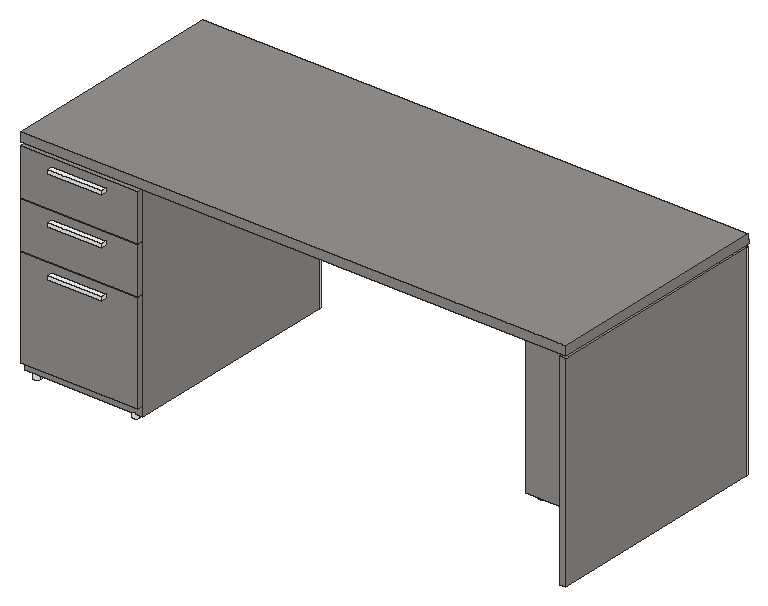
Revit family "Desks-Preconfigured-Teknion-B_YRG_Single_Pedestal_Half_Glass_Modesty-R2015", category Furniture, Revit 2015
Parameters (values of type "1-3/16" Thick WS")
  Worksurface Thickness = 1.188"
  Width [instance] = 72.000"
  Warranty = "http://www.teknion.com/ca/papers/legal-canada"
  Unit Weight URL = "http://www.teknion.com/pricing/expansion-casegoods/pdfs/wv.pdf"
  URL = "http://www.teknion.com/"
  Sustainability Data = "http://www.teknion.com/about-teknion/environment/datasheets.asp"
  Surface and Edge Trim Finish [instance] = Source Laminate - Teknion - DE - Latte
  Series = "Expansion Casegoods"  # constant formula
  Product Page URL = "http://www.teknion.com/ca/products/product-details?productlineid=0053336e-8e7a-673b-a6c8-ff00004460c4"
  Product Line = "Expansion Casegoods"  # constant formula
  Product Documentation Link = "http://www.teknion.com/pricing/expansion-casegoods/pdfs/B_YRG_ppg.pdf"
  Pedestal Trim Finish [instance] = Source Laminate - Teknion - DE - Latte
  Part Number = "B_YRG"  # constant formula
  Note [instance] = "Available Widths are 72, 78, and 84 inches. Available Depths are 30 and 36 inches."  # constant formula
  Model = "BMYRG___"
  Manufacturer Phone = "416-661-3370"
  Manufacturer Fax = "416.661.4586"
  Manufacturer Contact Information = "http://www.teknion.com/ca/contactus"
  Manufacturer Address = "1150 Flint Road, Toronto, ON. M3J 2J5. Canada"
  Manufacturer = "Teknion"  # constant formula
  Hardware Finish [instance] = Mica - Teknion - V - Satin - Very White
  Grommet Finish [instance] = Mica - Teknion - V - Satin - Very White
  Glass Finish [instance] = Glass - Teknion - FT - Frosted Glass
  Drawer Front Finish [instance] = Source Laminate - Teknion - DE - Latte
  Description = "Rectangular Executive Desk with Single Pedestal – Half Glass Modesty, 1-3/16\" Thick WS"
  Depth [instance] = 30.000"
  Case Finish [instance] = Source Laminate - Teknion - DE - Latte
  Cabinet Depth Offset [instance] = if(Depth = 30.000", 12.795", 13.795")  # 12.795"
  Assembly Code = "E2020200"
  Actual Width [instance] = if(Width = 78.000", 77.610", if(Width = 84.000", 83.500", 71.640"))  # 71.640"
Reference planes (in)
  plane 1 "Center F/B": y = 0
  plane 2 "Bottom": z = 0
  plane 3 "Center L/R": x = 0
  plane 4 "Left": x = -35.82
  plane 5 "Right": x = 35.82
  plane 6 "Back": y = 15
  plane 7 "Front": y = -15
  plane 8 "Top": z = 28.99606
  plane 9: z = 27.80806
  plane 10: x = -20.32
  plane 11 "Pedestal Bottom": z = 0.60236
  plane 12 "Pedestal Top": z = 27.48031
  plane 13 "Wall Access Bottom": z = 15.11024
  plane 14 "Wall Access Top": z = 27.48031
  plane 15: x = 35.10346
  plane 16: x = 33.695
  plane 17: x = -28.07
  plane 18: x = -28.07
  plane 19: x = -28.07
  plane 20: z = 26.61811
Forms (in)
  Sweep 1, solid, material "Source Laminate - Teknion - DE - Latte" <- "Case Finish"
    path origin (0, 0, 0) x (1, 0, 0) y (0, 0, 1)
      loop
        line (-20.32, 0.60236) -> (-20.32, 27.48031)
    profile origin (-20.32, 0, 14.04134) x (-1, 0, 0) y (0, -1, 0)
      loop
        line (15.48425, -14.96063) -> (15.48425, 14.22) -> (0, 14.22) -> (0, -14.96063) -> (15.48425, -14.96063)
  Sweep 2, solid, material "Source Laminate - Teknion - DE - Latte" <- "Surface and Edge Trim Finish"
    path origin (0, 0, 0) x (1, 0, 0) y (0, 0, 1)
      loop
        line (0, 28.99606) -> (0, 27.80806)
    profile origin (0, 0, 28.40206) x (0, -1, 0) y (1, 0, 0)
      loop
        line (-15, -35.82) -> (15, -35.82) -> (15, 35.82) -> (-15, 35.82) -> (-15, -35.82)
  Sweep 3, solid, material "Source Laminate - Teknion - DE - Latte" <- "Drawer Front Finish"
    path origin (0, 0, 0) x (0, 1, 0) y (0, 0, 1)
      loop
        line (-14.22, 0.60236) -> (-15, 0.60236)
    profile origin (0, -14.61, 0.60236) x (0, 0, -1) y (1, 0, 0)
      loop
        line (-14.27953, -35.82) -> (-1.20079, -35.82) -> (-1.20079, -20.32) -> (-14.27953, -20.32) -> (-14.27953, -35.82)
      loop
        line (-20.51969, -35.82) -> (-14.39764, -35.82) -> (-14.39764, -20.32) -> (-20.51969, -20.32) -> (-20.51969, -35.82)
      loop
        line (-26.75984, -35.82) -> (-20.6378, -35.82) -> (-20.6378, -20.32) -> (-26.75984, -20.32) -> (-26.75984, -35.82)
  Sweep 4, solid, material "Metal - Teknion - C6 - Chrome"
    path origin (0, 0, 0) x (1, 0, 0) y (0, 0, 1)
      loop
        line (-20.32, 0) -> (-20.32, 0.60236)
    profile origin (-20.32, 0, 0.30118) x (-1, 0, 0) y (0, -1, 0)
      loop
        circle (14.24, -13.70124) r 0.5
      loop
        circle (1.26, -13.70124) r 0.5
      loop
        circle (14.24, 13.76564) r 0.5
      loop
        circle (1.26, 13.76564) r 0.5
      loop
        circle (-54.854, 0.96784) r 0.5
      loop
        circle (-54.85426, -13.70968) r 0.5
      loop
        circle (-41.88122, 0.96784) r 0.5
      loop
        circle (-41.88095, -13.70968) r 0.5
  Sweep 5, solid, material "Glass - Teknion - FT - Frosted Glass" <- "Glass Finish"
    path origin (0, 0, 0) x (1, 0, 0) y (0, 1, 0)
      loop
        line (0, 12.33847) -> (0, 12.10247)
    profile origin (0, 12.22047, 0) x (1, 0, 0) y (0, 0, 1)
      loop
        line (20.30425, 15.11024) -> (20.30425, 26.61811) -> (-20.32, 26.61811) -> (-20.32, 15.11024) -> (20.30425, 15.11024)
  Sweep 6, solid, material "Source Laminate - Teknion - DE - Latte" <- "Case Finish"
    path origin (0, 0, 0) x (1, 0, 0) y (0, 0, 1)
      loop
        line (35.82, 27.48031) -> (35.82, 0.60236)
    profile origin (35.82, 0, 14.04134) x (0, -1, 0) y (1, 0, 0)
      loop
        line (-14.96063, -0.01575) -> (-14.96063, -0.71654) -> (15, -0.71654) -> (15, -0.01575) -> (-14.96063, -0.01575)
  Sweep 7, solid, material "Mica - Teknion - V - Satin - Very White" <- "Hardware Finish"
    path origin (0, 0, 0) x (1, 0, 0) y (0, 1, 0)
      loop
        line (-35.82, -15) -> (-35.82, -15.75)
    profile origin (-35.82, -15.375, 0) x (1, 0, 0) y (0, 0, 1)
      loop
        line (4.25, 13.87205) -> (4.25, 13.40205) -> (11.25, 13.40205) -> (11.25, 13.87205) -> (4.25, 13.87205)
  Sweep 8, solid, material "Mica - Teknion - V - Satin - Very White" <- "Hardware Finish"
    path origin (0, 0, 5.5) x (1, 0, 0) y (0, 1, 0)
      loop
        line (-35.82, -15) -> (-35.82, -15.75)
    profile origin (-35.82, -15.375, 5.5) x (1, 0, 0) y (0, 0, 1)
      loop
        line (4.25, 14.6122) -> (4.25, 14.1422) -> (11.25, 14.1422) -> (11.25, 14.6122) -> (4.25, 14.6122)
  Sweep 9, solid, material "Mica - Teknion - V - Satin - Very White" <- "Hardware Finish"
    path origin (0, 0, 12) x (1, 0, 0) y (0, 1, 0)
      loop
        line (-35.82, -15) -> (-35.82, -15.75)
    profile origin (-35.82, -15.375, 12) x (1, 0, 0) y (0, 0, 1)
      loop
        line (4.25, 14.35236) -> (4.25, 13.88236) -> (11.25, 13.88236) -> (11.25, 14.35236) -> (4.25, 14.35236)
  Extrusion 10, solid, material "Plastic-Teknion-White"
    sketch origin (0, 0, 0) x (1, 0, 0) y (0, 1, 0)
      loop
        line (21.09165, 14.17323) -> (21.09165, -0.71681) -> (35.01685, -0.71681) -> (35.01685, 14.17323) -> (21.09165, 14.17323)
    from 27.48031 to 27.80806
  Extrusion 11, solid, material "Source Laminate - Teknion - DE - Latte" <- "Case Finish"
    sketch origin (0, 0, 0) x (1, 0, 0) y (0, 1, 0)
      loop
        line (20.30425, 14.96063) -> (20.30425, -2.205) -> (35.10346, -2.205) -> (35.10346, 14.96063) -> (20.30425, 14.96063)
    from 0.60236 to 27.48031
  Extrusion 12, solid, material "Mica - Teknion - V - Satin - Very White" <- "Hardware Finish"
    sketch origin (0, 0, 0) x (1, 0, 0) y (0, 1, 0)
      loop
        line (20.30425, 11.72047) -> (20.30425, 12.72047) -> (-20.32, 12.72047) -> (-20.32, 11.72047) -> (20.30425, 11.72047)
    from 26.61811 to 27.80806
  Extrusion 13, solid, material "Plastic-Teknion-White"
    sketch origin (0, 0, 0) x (1, 0, 0) y (0, 1, 0)
      loop
        line (-35.01685, 14.17323) -> (-35.01685, -13.51181) -> (-21.1074, -13.51181) -> (-21.1074, 14.17323) -> (-35.01685, 14.17323)
    from 27.48031 to 27.80806
  Extrusion 14, solid, material "Mica - Teknion - V - Satin - Very White" <- "Hardware Finish"
    sketch origin (0, 0, 0) x (1, 0, 0) y (0, 1, 0)
      loop
        line (35.56409, 14.96063) -> (35.78867, 14.96063) -> (35.78867, 14.69291) -> (35.82, 14.69291) -> (35.82, 15) -> (35.56409, 15) -> (35.56409, 14.96063)
    from 0.60236 to 27.48031
  Extrusion 15, solid, material "Mica - Teknion - V - Satin - Very White" <- "Hardware Finish"
    sketch origin (56.1085, 0, 0) x (-1, 0, 0) y (0, -1, 0)
      loop
        line (35.56409, -14.96063) -> (35.56409, -15) -> (35.82, -15) -> (35.82, -14.69291) -> (35.78867, -14.69291) -> (35.78867, -14.96063) -> (35.56409, -14.96063)
    from 0.60236 to 27.48031
  Extrusion 16, solid, material "Mica - Teknion - V - Satin - Very White" <- "Hardware Finish"
    sketch origin (-56.1085, 0, 0) x (1, 0, 0) y (0, 1, 0)
      loop
        line (35.56409, 14.96063) -> (35.78867, 14.96063) -> (35.78867, 14.69291) -> (35.82, 14.69291) -> (35.82, 15) -> (35.56409, 15) -> (35.56409, 14.96063)
    from 0.60236 to 27.48031
  Extrusion 17, solid, material "Mica - Teknion - V - Satin - Very White" <- "Hardware Finish"
    sketch origin (0, 0, 0) x (-1, 0, 0) y (0, -1, 0)
      loop
        line (35.56409, -14.96063) -> (35.56409, -15) -> (35.82, -15) -> (35.82, -14.69291) -> (35.78867, -14.69291) -> (35.78867, -14.96063) -> (35.56409, -14.96063)
    from 0.60236 to 27.48031
Lines and regions (in)
  Masking region 1
    outline origin (0, 0, 28.99606) x (-1, 0, 0) y (0, -1, 0)
      loop
        line (35.82, -15) -> (35.82, 15) -> (-35.82, 15) -> (-35.82, -15) -> (35.82, -15)
  Masking region 2, detail levels medium+fine
    outline origin (0, 0, 28.99606) x (-1, 0, 0) y (0, -1, 0)
      loop
        line (31.57, 15.75) -> (24.57, 15.75) -> (24.57, 15) -> (31.57, 15) -> (31.57, 15.75)
  Split face 1
    outline origin (0, 0, 28.99606) x (-1, 0, 0) y (0, -1, 0)
      loop
        spline (-27.95068, -8.93064) -> (-28.69255, -8.96999) -> (-29.38386, -9.08534) -> (-29.97749, -9.26885) -> (-30.43301, -9.50799) -> (-30.71936, -9.78648) -> (-30.81703, -10.08534) -> (-30.71936, -10.3842) -> (-30.43301, -10.66269) -> (-29.97749, -10.90183) -> (-29.38386, -11.08534) -> (-28.69255, -11.20069) -> (-27.95068, -11.24004)
        spline (-27.95068, -11.24004) -> (-27.20882, -11.20069) -> (-26.51751, -11.08534) -> (-25.92387, -10.90183) -> (-25.46836, -10.66269) -> (-25.18201, -10.3842) -> (-25.08434, -10.08534) -> (-25.18201, -9.78648) -> (-25.46836, -9.50799) -> (-25.92387, -9.26885) -> (-26.51751, -9.08534) -> (-27.20882, -8.96999) -> (-27.95068, -8.93064)
  Split face 2
    outline origin (0, 0, 28.99606) x (-1, 0, 0) y (0, -1, 0)
      loop
        spline (27.95065, -8.96368) -> (27.20878, -9.00302) -> (26.51747, -9.11838) -> (25.92383, -9.30188) -> (25.46832, -9.54103) -> (25.18197, -9.81952) -> (25.0843, -10.11838) -> (25.18197, -10.41723) -> (25.46832, -10.69572) -> (25.92383, -10.93487) -> (26.51747, -11.11837) -> (27.20878, -11.23373) -> (27.95065, -11.27307)
        spline (27.95065, -11.27307) -> (28.69251, -11.23373) -> (29.38382, -11.11837) -> (29.97746, -10.93487) -> (30.43297, -10.69572) -> (30.71932, -10.41723) -> (30.81699, -10.11838) -> (30.71932, -9.81952) -> (30.43297, -9.54103) -> (29.97746, -9.30188) -> (29.38382, -9.11838) -> (28.69251, -9.00302) -> (27.95065, -8.96368)
  symbolic lines, style "Hidden Lines", detail levels medium+fine
    curve 1: line (-20.32, 14.96063, 65.165) -> (-20.32, -15, 65.165)
    curve 19: line (35.10346, 14.96063, 0) -> (20.30425, 14.96063, 0)
    curve 20: line (20.30425, 14.96063, 0) -> (20.30425, -2.205, 0)
    curve 21: line (20.30425, -2.205, 0) -> (35.10346, -2.205, 0)
    curve 22: line (35.10346, -2.205, 0) -> (35.10346, -15, 0)
    curve 27: line (20.30425, 12.72047, 0) -> (-20.32, 12.72047, 0)
    curve 28: line (-20.32, 11.72047, 0) -> (20.30425, 11.72047, 0)
    curve 29: line (-35.80425, -14.22, 0) -> (-20.32, -14.22, 0)
    curve 51: line (35.10346, 14.96063, 0) -> (35.10346, 15, 0)
  symbolic lines, style "Hidden Lines", detail levels fine
    curve 2: line (20.30425, 12.33847, 65.165) -> (-20.32, 12.33847, 65.165)
    curve 3: line (20.30425, 12.10247, 65.165) -> (-20.32, 12.10247, 65.165)
    curve 30: line (-35.01685, 14.17323, 0) -> (-35.01685, -13.51181, 0)
    curve 31: line (-35.01685, -13.51181, 0) -> (-21.1074, -13.51181, 0)
    curve 32: line (-21.1074, -13.51181, 0) -> (-21.1074, 14.17323, 0)
    curve 33: line (-21.1074, 14.17323, 0) -> (-35.01685, 14.17323, 0)
    curve 34: arc (-35.06, 13.70124, 0) -> (-34.56, 13.20124, 0) -> (-34.06, 13.70124, 0) r 0.5
    curve 35: arc (-34.06, 13.70124, 0) -> (-34.56, 14.20124, 0) -> (-35.06, 13.70124, 0) r 0.5
    curve 36: arc (-22.08, 13.70124, 0) -> (-21.58, 13.20124, 0) -> (-21.08, 13.70124, 0) r 0.5
    curve 37: arc (-21.08, 13.70124, 0) -> (-21.58, 14.20124, 0) -> (-22.08, 13.70124, 0) r 0.5
    curve 38: arc (-35.06, -13.76564, 0) -> (-34.56, -14.26564, 0) -> (-34.06, -13.76564, 0) r 0.5
    curve 39: arc (-34.06, -13.76564, 0) -> (-34.56, -13.26564, 0) -> (-35.06, -13.76564, 0) r 0.5
    curve 40: arc (-22.08, -13.76564, 0) -> (-21.58, -14.26564, 0) -> (-21.08, -13.76564, 0) r 0.5
    curve 41: arc (-21.08, -13.76564, 0) -> (-21.58, -13.26564, 0) -> (-22.08, -13.76564, 0) r 0.5
    curve 42: arc (21.06122, -0.96784, 0) -> (21.56122, -1.46784, 0) -> (22.06122, -0.96784, 0) r 0.5
    curve 43: arc (22.06122, -0.96784, 0) -> (21.56122, -0.46784, 0) -> (21.06122, -0.96784, 0) r 0.5
    curve 44: arc (34.034, -0.96784, 0) -> (34.534, -1.46784, 0) -> (35.034, -0.96784, 0) r 0.5
    curve 45: arc (35.034, -0.96784, 0) -> (34.534, -0.46784, 0) -> (34.034, -0.96784, 0) r 0.5
    curve 46: arc (21.06095, 13.70968, 0) -> (21.56095, 13.20968, 0) -> (22.06095, 13.70968, 0) r 0.5
    curve 47: arc (22.06095, 13.70968, 0) -> (21.56095, 14.20968, 0) -> (21.06095, 13.70968, 0) r 0.5
    curve 48: arc (34.03426, 13.70968, 0) -> (34.53426, 13.20968, 0) -> (35.03426, 13.70968, 0) r 0.5
    curve 49: arc (35.03426, 13.70968, 0) -> (34.53426, 14.20968, 0) -> (34.03426, 13.70968, 0) r 0.5
  symbolic lines, style "Furniture"
    curve 4: spline (27.95792, 11.27307, 65.165) -> (27.21605, 11.23373, 65.165) -> (26.52475, 11.11837, 65.165) -> (25.93111, 10.93487, 65.165) -> (25.47559, 10.69572, 65.165) -> (25.18924, 10.41723, 65.165) -> (25.09157, 10.11838, 65.165) -> (25.18924, 9.81952, 65.165) -> (25.47559, 9.54103, 65.165) -> (25.93111, 9.30188, 65.165) -> (26.52475, 9.11838, 65.165) -> (27.21605, 9.00302, 65.165) -> (27.95792, 8.96368, 65.165)
    curve 5: spline (27.95792, 8.96368, 65.165) -> (28.69978, 9.00302, 65.165) -> (29.39109, 9.11838, 65.165) -> (29.98473, 9.30188, 65.165) -> (30.44025, 9.54103, 65.165) -> (30.7266, 9.81952, 65.165) -> (30.82426, 10.11838, 65.165) -> (30.7266, 10.41723, 65.165) -> (30.44025, 10.69572, 65.165) -> (29.98473, 10.93487, 65.165) -> (29.39109, 11.11837, 65.165) -> (28.69978, 11.23373, 65.165) -> (27.95792, 11.27307, 65.165)
    curve 10: spline (-27.95065, 11.27307, 65.165) -> (-27.20878, 11.23373, 65.165) -> (-26.51747, 11.11837, 65.165) -> (-25.92383, 10.93487, 65.165) -> (-25.46832, 10.69572, 65.165) -> (-25.18197, 10.41723, 65.165) -> (-25.0843, 10.11838, 65.165) -> (-25.18197, 9.81952, 65.165) -> (-25.46832, 9.54103, 65.165) -> (-25.92383, 9.30188, 65.165) -> (-26.51747, 9.11838, 65.165) -> (-27.20878, 9.00302, 65.165) -> (-27.95065, 8.96368, 65.165)
    curve 11: spline (-27.95065, 8.96368, 65.165) -> (-28.69251, 9.00302, 65.165) -> (-29.38382, 9.11838, 65.165) -> (-29.97746, 9.30188, 65.165) -> (-30.43297, 9.54103, 65.165) -> (-30.71932, 9.81952, 65.165) -> (-30.81699, 10.11838, 65.165) -> (-30.71932, 10.41723, 65.165) -> (-30.43297, 10.69572, 65.165) -> (-29.97746, 10.93487, 65.165) -> (-29.38382, 11.11837, 65.165) -> (-28.69251, 11.23373, 65.165) -> (-27.95065, 11.27307, 65.165)
  symbolic lines
    curve 6: arc (25.96449, 10.9666, 28.99606) -> (27.90816, 10.51699, 28.99606) -> (29.85181, 10.96669, 28.99606) r 4.42563
    curve 8: arc (25.96449, 9.27015, 28.99606) -> (27.90816, 9.71976, 28.99606) -> (29.85181, 9.27007, 28.99606) r 4.42563
    curve 12: arc (-26.00707, 9.27015, 28.99606) -> (-27.95074, 9.71976, 28.99606) -> (-29.89439, 9.27007, 28.99606) r 4.42563
  model lines, detail levels medium+fine
    curve 7: arc (25.96449, 10.9666, 28.99606) -> (27.90816, 10.51699, 28.99606) -> (29.85181, 10.96669, 28.99606) r 4.42563
    curve 9: arc (25.96449, 9.27015, 28.99606) -> (27.90816, 9.71976, 28.99606) -> (29.85181, 9.27007, 28.99606) r 4.42563
    curve 13: arc (-26.00707, 9.27015, 28.99606) -> (-27.95074, 9.71976, 28.99606) -> (-29.89439, 9.27007, 28.99606) r 4.42563
  model lines
    curve 14: circle (-34.28867, -15, 26.20769) r 0.3935 normal (0, 1, 0)
    curve 15: line (-34.23962, -15, 26.39469) -> (-34.33772, -15, 26.39469)
    curve 16: line (-34.23962, -15, 26.02069) -> (-34.23962, -15, 26.39469)
    curve 17: line (-34.33772, -15, 26.02069) -> (-34.23962, -15, 26.02069)
    curve 18: line (-34.33772, -15, 26.39469) -> (-34.33772, -15, 26.02069)
  symbolic lines, style "FurnitureHiddenLines", detail levels fine
    curve 23: line (21.09165, -0.71681, 0) -> (35.01685, -0.71681, 0)
    curve 24: line (21.09165, 14.17323, 0) -> (21.09165, -0.71681, 0)
    curve 25: line (35.01685, 14.17323, 0) -> (21.09165, 14.17323, 0)
    curve 26: line (35.01685, -0.71681, 0) -> (35.01685, 14.17323, 0)
  model lines, style "Furniture"
    curve 50: arc (-26.00707, 10.9666, 28.99606) -> (-27.95074, 10.51699, 28.99606) -> (-29.89439, 10.96669, 28.99606) r 4.42563
  reference lines, not visible
    curve 52: line (-35.82, 15, 0) -> (35.82, 15, 0)
    curve 53: line (-35.82, 15, 0) -> (-35.82, -15, 0)
    curve 54: line (35.82, -15, 0) -> (-35.82, -15, 0)
    curve 55: line (35.82, 15, 0) -> (35.82, -15, 0)
Dimensions and locks (in)
  locked: plane 8 "Top" to level at 28.99606
  equal spacing: plane 4 "Left", plane 3 "Center L/R", plane 5 "Right"
  "Actual Width": plane 4 "Left" to plane 5 "Right"
  equal spacing: plane 6 "Back", plane 1 "Center F/B", plane 7 "Front"
  "Depth": plane 6 "Back" to plane 7 "Front"
  "Worksurface Thickness": plane 8 "Top" to plane 9
  locked: plane 4 "Left" to plane 10 at 15.5
  locked: plane 11 "Pedestal Bottom" to level at 0.60236
  locked: plane 12 "Pedestal Top" to level at 27.48031
  locked: plane 13 "Wall Access Bottom" to level at 15.11024
  plane 14 "Wall Access Top" to level = 27.48031"
  locked: Sweep 3 sketch curve to level at 1.80315
  locked: Sweep 3 sketch curve to level at 14.88189
  locked: Sweep 3 sketch curve to level at 15
  locked: Sweep 3 sketch curve to level at 21.12205
  locked: Sweep 3 sketch curve to level at 21.24016
  Sweep 3 sketch curve to level = 27.3622"
  locked: plane 6 "Back" to Sweep 4 sketch curve at 1.29876
  locked: Sweep 2 to Sweep 4 sketch curve at 1.29876
  locked: Sweep 4 sketch curve to plane 5 "Right" at 1.286
  locked: Sweep 4 sketch curve to plane 5 "Right" at 1.28574
  locked: Sweep 4 sketch curve to plane 10 at 1.26  (x2)
  locked: plane 6 "Back" to Sweep 4 sketch curve at 1.29032  (x2)
  Sweep 4 sketch curve to Sweep 4 sketch curve to Extrusion 11 = 0.000" locked, 1.23716" locked
  locked: Sweep 5 sketch curve to plane 1 "Center F/B" at 12.33847
  locked: Sweep 5 sketch curve to plane 1 "Center F/B" at 12.10247
  locked: Sweep 7 sketch curve to plane 7 "Front" at 0.75
  equal spacing: Sweep 7 sketch curve, plane 17, Sweep 7 sketch curve, locked at 3.5 each
  locked: Sweep 7 sketch curve to Sweep 7 sketch curve at 0.47
  locked: Sweep 7 sketch curve to level at 13.40205
  equal spacing: Sweep 8 sketch curve, plane 18, Sweep 8 sketch curve, locked at 3.5 each
  locked: Sweep 8 sketch curve to Sweep 8 sketch curve at 0.47
  equal spacing: Sweep 9 sketch curve, plane 19, Sweep 9 sketch curve, locked at 3.5 each
  locked: Sweep 9 sketch curve to Sweep 9 sketch curve at 0.47
  locked: Sweep 8 sketch curve to level at 19.6422
  equal spacing: plane 10, plane 18, plane 4 "Left"
  equal spacing: plane 10, plane 19, plane 4 "Left"
  locked: Sweep 9 sketch curve to level at 25.88236
  locked: plane 16 to plane 5 "Right" at 2.125
  locked: plane 15 to plane 5 "Right" at 0.71654
  locked: plane 4 "Left" to Sweep 4 sketch curve at 1.26  (x2)
  locked: Sweep 8 sketch curve to plane 7 "Front" at 0.75
  locked: Sweep 9 sketch curve to plane 7 "Front" at 0.75
  locked: plane 6 "Back" to Split face 1 sketch curve at 4.91466
  locked: Split face 1 sketch curve to plane 5 "Right" at 7.86932
  locked: curve 6 to plane 5 "Right" at 7.91193
  locked: curve 8 to plane 5 "Right" at 7.91193
  plane 6 "Back" to curve 6 to curve 8 = 0.05738" locked, 9.64849" locked
  locked: plane 17 to plane 4 "Left" at 7.75
  locked: plane 7 "Front" to Sweep 3 sketch curve at 0.78
  locked: plane 4 "Left" to Split face 2 sketch curve at 7.86935
  locked: plane 6 "Back" to Split face 2 sketch curve at 4.88162
  locked: curve 15 to curve 17 at 0.374
  locked: curve 16 to curve 18 at 0.0981
  equal spacing: curve 15, curve 14, curve 17, locked at 0.187 each
  equal spacing: curve 16, curve 14, curve 18
  locked: curve 16 to plane 4 "Left" at 1.58038
  locked: plane 7 "Front" to Sweep 1 sketch curve at 0.78
  locked: plane 7 "Front" to Sweep 4 sketch curve at 1.23436  (x2)
  locked: plane 14 "Wall Access Top" to Sweep 5 sketch curve at 0.8622
  locked: Sweep 5 sketch curve to plane 5 "Right" at 15.51575
  locked: plane 6 "Back" to Extrusion 10 sketch curve at 0.82677
  Extrusion 10 sketch curve to Extrusion 10 sketch curve to plane 5 "Right" = 13.9252" locked, 0.80315" locked
  Extrusion 11 sketch curve to Extrusion 11 sketch curve to plane 5 "Right" = 14.79921" locked, 0.71654" locked
  locked: plane 6 "Back" to Extrusion 11 sketch curve at 0.03937
  Sweep 4 sketch curve to Sweep 4 sketch curve to plane 5 "Right" = 0.00026" locked, 14.25878" locked
  Extrusion 12 sketch curve to Extrusion 12 sketch curve to plane 1 "Center F/B" = 1.000" locked, 11.72047" locked
  locked: plane 7 "Front" to Extrusion 13 sketch curve at 1.48819
  locked: plane 4 "Left" to Extrusion 13 sketch curve at 0.80315
  locked: Extrusion 13 sketch curve to plane 10 at 0.7874
  locked: plane 6 "Back" to Extrusion 13 sketch curve at 0.82677
  locked: plane 6 "Back" to Sweep 6 sketch curve at 0.03937
  locked: Sweep 6 sketch curve to plane 5 "Right" at 0.01575
  locked: plane 4 "Left" to Sweep 1 sketch curve at 0.01575
  locked: Sweep 1 sketch curve to plane 6 "Back" at 0.03937
  Extrusion 14 sketch curve to Extrusion 14 sketch curve to plane 5 "Right" = 0.22457" locked, 0.03133" locked
  plane 6 "Back" to Extrusion 14 sketch curve to Extrusion 14 sketch curve = 0.03937" locked, 0.26772" locked
  "Cabinet Depth Offset": Extrusion 11 sketch curve to plane 7 "Front"
  locked: Extrusion 10 sketch curve to Extrusion 11 at 1.48819
  Extrusion 15 sketch curve to Extrusion 11 to Extrusion 15 sketch curve to Extrusion 15 sketch curve = 0.01575" locked, 0.01558" locked, 0.22457" locked
  plane 6 "Back" to Extrusion 15 sketch curve to Extrusion 15 sketch curve = 0.03937" locked, 0.26772" locked
  Extrusion 16 sketch curve to plane 10 to Extrusion 16 sketch curve to Extrusion 16 sketch curve = 0.22441" locked, 0.00016" locked, 0.03133" locked
  plane 6 "Back" to Extrusion 16 sketch curve to Extrusion 16 sketch curve = 0.03937" locked, 0.26772" locked
  Extrusion 17 sketch curve to Extrusion 17 sketch curve to Extrusion 17 sketch curve = 0.03133" locked, 0.22457" locked
  plane 6 "Back" to Extrusion 17 sketch curve to Extrusion 17 sketch curve = 0.03937" locked, 0.26772" locked
  locked: plane 4 "Left" to curve 12 at 7.86935
  locked: plane 4 "Left" to curve 50 at 7.86935
  locked: plane 6 "Back" to curve 50 at 0.05738
  locked: plane 6 "Back" to curve 12 at 9.70587
  locked: plane 9 to plane 20 at 1.18995
  aligned and locked: level to plane 2 "Bottom"
  aligned and locked: plane 11 "Pedestal Bottom" to Sweep 1 sketch curve
  aligned and locked: plane 10 to Sweep 1 sketch curve
  aligned and locked: plane 12 "Pedestal Top" to Sweep 1 sketch curve
  aligned and locked: Sweep 1 sketch curve to profile plane
  aligned and locked: plane 8 "Top" to Sweep 2 sketch curve
  aligned and locked: Sweep 2 sketch curve to plane 3 "Center L/R"
  aligned and locked: plane 9 to Sweep 2 sketch curve
  aligned and locked: plane 7 "Front" to Sweep 2 sketch curve
  aligned and locked: plane 5 "Right" to Sweep 2 sketch curve
  aligned and locked: Sweep 1 to Sweep 3 sketch curve
  aligned and locked: plane 7 "Front" to Sweep 3 sketch curve
  aligned and locked: plane 4 "Left" to Sweep 3 sketch curve  (x3)
  aligned and locked: Sweep 3 sketch curve to plane 10  (x3)
  aligned and locked: level to Sweep 4 sketch curve
  aligned and locked: plane 10 to Sweep 4 sketch curve
  aligned and locked: plane 11 "Pedestal Bottom" to Sweep 4 sketch curve
  aligned and locked: plane 13 "Wall Access Bottom" to Sweep 5 sketch curve
  aligned and locked: plane 10 to Sweep 5 sketch curve
  aligned and locked: plane 14 "Wall Access Top" to Sweep 6 sketch curve
  aligned and locked: Sweep 6 sketch curve to plane 5 "Right"
  aligned and locked: Sweep 6 sketch curve to plane 7 "Front"
  aligned and locked: plane 15 to Sweep 6 sketch curve
  aligned and locked: Sweep 7 sketch curve to Sweep 2
  aligned and locked: Sweep 2 to Sweep 7 sketch curve
  aligned and locked: curve 1 to Sweep 1  (x2)
  aligned and locked: plane 7 "Front" to curve 1
  aligned and locked: curve 2 to Sweep 5
  aligned and locked: plane 10 to curve 2
  aligned and locked: curve 3 to Sweep 5
  aligned and locked: plane 7 "Front" to Sweep 8 sketch curve
  aligned and locked: Sweep 8 sketch curve to plane 4 "Left"
  aligned and locked: plane 7 "Front" to Sweep 9 sketch curve
  aligned and locked: Sweep 9 sketch curve to plane 4 "Left"
  aligned and locked: curve 7 to curve 6
  aligned and locked: curve 8 to curve 9
  aligned and locked: Extrusion 10 to plane 14 "Wall Access Top"
  aligned and locked: plane 9 to Extrusion 10
  aligned and locked: plane 14 "Wall Access Top" to Extrusion 11
  aligned and locked: Extrusion 11 to curve 2
  aligned and locked: Sweep 1 to Extrusion 12 sketch curve
  aligned and locked: Extrusion 11 to Extrusion 12 sketch curve
  aligned and locked: Extrusion 12 to Sweep 2
  aligned and locked: plane 9 to Extrusion 13
  aligned and locked: Extrusion 13 to plane 12 "Pedestal Top"
  aligned and locked: Extrusion 14 sketch curve to plane 5 "Right"
  aligned and locked: Extrusion 14 sketch curve to plane 6 "Back"
  aligned and locked: plane 12 "Pedestal Top" to Extrusion 14
  aligned and locked: Extrusion 11 to plane 11 "Pedestal Bottom"
  aligned and locked: plane 11 "Pedestal Bottom" to Sweep 6 sketch curve
  aligned and locked: Extrusion 14 to plane 11 "Pedestal Bottom"
  aligned and locked: plane 6 "Back" to Extrusion 15 sketch curve
  aligned and locked: Extrusion 17 to plane 4 "Left"
  aligned and locked: plane 6 "Back" to Extrusion 17
  aligned and locked: Extrusion 16 sketch curve to plane 6 "Back"
  aligned and locked: plane 12 "Pedestal Top" to Extrusion 17
  aligned and locked: plane 12 "Pedestal Top" to Extrusion 16
  aligned and locked: Extrusion 15 to plane 12 "Pedestal Top"
  aligned and locked: Sweep 5 sketch curve to plane 3 "Center L/R"
  aligned and locked: plane 4 "Left" to Sweep 2 sketch curve
  aligned and locked: Sweep 2 sketch curve to plane 6 "Back"
  aligned and locked: curve 19 to Extrusion 11
  aligned and locked: curve 20 to Extrusion 11
  aligned and locked: curve 21 to Extrusion 11
  aligned and locked: Sweep 6 to curve 22
  aligned and locked: curve 23 to Extrusion 10
  aligned and locked: curve 24 to Extrusion 10
  aligned and locked: curve 25 to Extrusion 10
  aligned and locked: plane 15 to Extrusion 11
  aligned and locked: curve 26 to Extrusion 10
  aligned and locked: curve 29 to Sweep 1
  aligned and locked: curve 30 to Extrusion 13
  aligned and locked: curve 31 to Extrusion 13
  aligned and locked: curve 32 to Extrusion 13
  aligned and locked: curve 33 to Extrusion 13
  aligned and locked: curve 34 to Sweep 4
  aligned and locked: curve 35 to Sweep 4
  aligned and locked: curve 36 to Sweep 4
  aligned and locked: curve 37 to Sweep 4
  aligned and locked: curve 38 to Sweep 4
  aligned and locked: curve 39 to Sweep 4
  aligned and locked: curve 40 to Sweep 4
  aligned and locked: curve 41 to Sweep 4
  aligned and locked: curve 42 to Sweep 4
  aligned and locked: curve 43 to Sweep 4
  aligned and locked: curve 44 to Sweep 4
  aligned and locked: curve 45 to Sweep 4
  aligned and locked: curve 46 to Sweep 4
  aligned and locked: curve 47 to Sweep 4
  aligned and locked: curve 48 to Sweep 4
  aligned and locked: curve 49 to Sweep 4
  aligned and locked: plane 15 to curve 51
  aligned and locked: Masking region 1 sketch curve to plane 5 "Right"
  aligned and locked: curve 52 to plane 6 "Back"
  aligned and locked: curve 53 to plane 4 "Left"
  aligned and locked: curve 54 to plane 7 "Front"
  aligned and locked: curve 55 to plane 5 "Right"
  aligned and locked: Extrusion 12 to plane 20
  aligned and locked: Extrusion 17 to plane 11 "Pedestal Bottom"
  aligned and locked: plane 11 "Pedestal Bottom" to Extrusion 17  (x2)
Automatic sketch dimensions
  Sweep 6 sketch curve to Sweep 6 sketch curve = 0.70079"
  Sweep 7 sketch curve to plane 17 = 3.500"
  Sweep 8 sketch curve to plane 18 = 3.500"
  Sweep 9 sketch curve to plane 19 = 3.500"
  curve 17 to plane 12 "Pedestal Top" = 1.45963"
  curve 6 to plane 16 = 3.84319"
  curve 8 to curve 6 = 0.000"
  curve 8 to curve 8 = 3.88732"
  curve 6 to curve 8 = 0.000"
  curve 12 to curve 12 = 3.88732"
  curve 6 to plane 6 "Back" = 4.03331"
  curve 6 to curve 8 = 1.69646"
  Masking region 1 sketch curve to plane 4 "Left" = 0.000"
  Masking region 1 sketch curve to plane 6 "Back" = 0.000"
  plane 7 "Front" to Masking region 1 sketch curve = 0.000"
  curve 5 to plane 6 "Back" = 3.72693"
  curve 5 to plane 16 = 5.73708"
  curve 3 to curve 2 = 0.000"
  curve 10 to plane 10 = 7.63065"
  curve 10 to plane 6 "Back" = 3.72693"
  curve 10 to curve 10 = 1.1547"
  curve 5 to curve 5 = 1.1547"
  plane 7 "Front" to Masking region 2 sketch curve = 0.000"
  plane 7 "Front" to Masking region 2 sketch curve = 0.750"
  Masking region 2 sketch curve to plane 10 = 4.250"
  plane 4 "Left" to Masking region 2 sketch curve = 4.250"
  Split face 1 sketch curve to Split face 1 sketch curve = 1.1547"
  curve 13 to Sweep 2 = 7.86935"
  curve 7 to Sweep 2 = 4.03331"
  curve 9 to curve 7 = 0.000"
  curve 9 to curve 9 = 3.88732"
  curve 7 to curve 9 = 0.000"
  curve 13 to curve 13 = 3.88732"
  Split face 2 sketch curve to Split face 2 sketch curve = 1.1547"
  Extrusion 17 sketch curve to plane 6 "Back" = 0.000"
  Extrusion 17 sketch curve to plane 4 "Left" = 0.000"
  curve 13 to Sweep 2 = 9.70587"
  curve 13 to curve 13 = 1.94358"
  curve 13 to curve 13 = 3.97602"
  curve 12 to curve 12 = 1.94358"
  curve 12 to curve 12 = 3.97602"
  curve 50 to curve 12 = 0.000"  (x2)
  curve 50 to curve 12 = 1.69662"
  curve 29 to plane 10 = 0.000"
  curve 28 to plane 10 = 0.000"
  curve 27 to plane 10 = 0.000"
  plane 7 "Front" to curve 22 = 0.000"
  curve 51 to plane 6 "Back" = 0.000"
  plane 4 "Left" to curve 29 = 0.01575"
  curve 28 to curve 36 = 1.98077"
  curve 28 to curve 27 = 1.000"
  radius of Sweep 4 sketch curve = 0.500"  (x8)
  radius of curve 14 = 0.3935"
